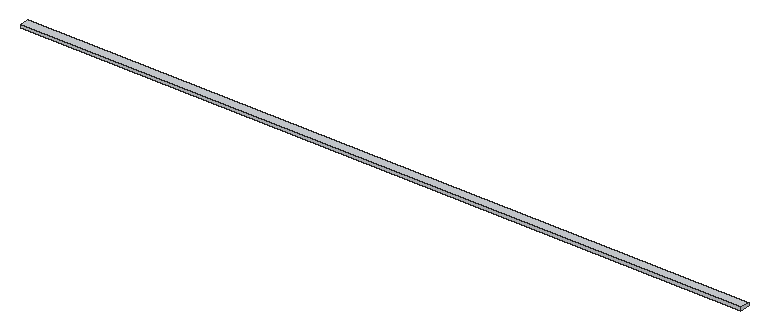
Revit family "Lighting-Strip-Acclaim-Flex Spectrum Exterior", category Lighting Fixtures, host Face, Revit 2015
Parameters
  Width = 0.60156"
  Wattage = 9.2903 W
  built-in parameter 1150110 = 1 (stored number, unit not read)
  Voltage = 0 V
  URL = "http://www.acclaimlighting.com/"
  built-in parameter 1114217 = 1 (stored number, unit not read)
  Tilt Angle = -90.00°
  built-in parameter 1150109 = 1 (stored number, unit not read)
  built-in parameter 1150134 = 3
  built-in parameter 1150113 = 1 (stored number, unit not read)
  Power Factor = 1
  Photometric Web File = "generic"
  Number of Poles = 1
  built-in parameter 1150142 = (empty or 0)
  Model = "Flex Spectrum Exterior"
  Manufacturer = "Acclaim Lighting"
  built-in parameter 1150105 = 109.82 (stored number, unit not read)
  Lumens = 1380 lm
  built-in parameter 1150115 = 1 (stored number, unit not read)
  built-in parameter 1150137 = (empty or 0)
  built-in parameter 1150139 = (empty or 0)
  Length [instance] = 48.0"
  built-in parameter 1150112 = 1 (stored number, unit not read)
  built-in parameter 1150114 = 1 (stored number, unit not read)
  Lamp = "LED"
  built-in parameter 1150132 = (empty or 0)
  built-in parameter 1150102 = (empty or 0)
  built-in parameter 1150107 = 3200 (stored number, unit not read)
  built-in parameter 1150138 = (empty or 0)
  built-in parameter 1150106 = 1.0982 (stored number, unit not read)
  Housing Finish = Aluminum
  Height = 0.2"
  Emit from Line Length = 48.0"
  built-in parameter 1150104 = 13.8 (stored number, unit not read)
  Dimming Lamp Color Temperature Shift = <None>
  Description = "LED Strip"
  Default Elevation = 48.0"
  Color Filter = 16777215
  built-in parameter 1114218 = 1 (stored number, unit not read)
  built-in parameter 1150133 = 10 (stored number, unit not read)
  Apparent Load = 0 VA
Reference planes (in)
  plane 1 "Center (Front/Back)": y = 0
  plane 2: z = 0
  plane 3 "Center (Left/Right)": x = 0
  plane 4: x = -24
  plane 5: x = 24
  plane 6: y = 0.30078
  plane 7: z = 6.9048
  plane 8: y = -0.30078
  plane 9: z = 0.2
Forms (in)
  Extrusion 1, solid
    sketch origin (0, 0, 0) x (1, 0, 0) y (0, 1, 0)
      loop
        line (-24, 0.30078) -> (-24, -0.30078) -> (24, -0.30078) -> (24, 0.30078) -> (-24, 0.30078)
    from 0 to 0.2
Dimensions and locks (in)
  equal spacing: plane 4, plane 3 "Center (Left/Right)", plane 5
  equal spacing: plane 5, plane 3 "Center (Left/Right)", plane 4
  plane 5 to plane 4 = 48.0"
  "Length": plane 4 to plane 5
  equal spacing: plane 8, plane 1 "Center (Front/Back)", plane 6
  "Width": plane 8 to plane 6
  Extrusion 1 to Extrusion 1 = 0.60156"
  "Height": plane 9 to host face
  aligned and locked: plane 2 to host face
  aligned and locked: level to host face
  aligned and locked: Extrusion 1 sketch curve to plane 5
  aligned and locked: plane 4 to Extrusion 1 sketch curve
  aligned and locked: plane 6 to Extrusion 1 sketch curve
  aligned and locked: plane 8 to Extrusion 1 sketch curve
  aligned and locked: plane 1 "Center (Front/Back)" to imposter light
  aligned and locked: plane 9 to Extrusion 1
  aligned and locked: imposter light to Extrusion 1
Automatic sketch dimensions
  host sketch curve to host sketch curve = 96.0"  (x2)
